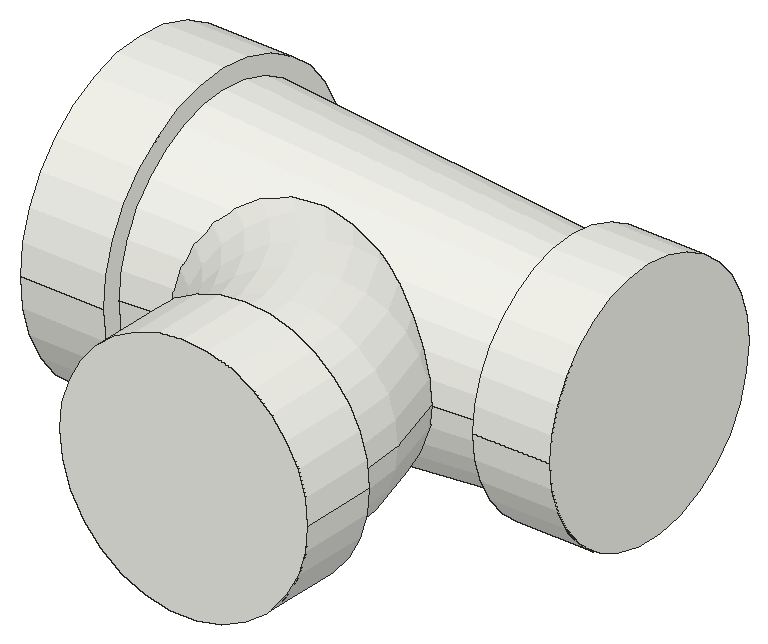
Revit family "Te_Esgoto_Reduc", category Pipe Fittings, Revit 2025
Family settings
  Round Connector Dimension = Use Radius
  Part Type = Tee
  OmniClass Number = 23.60.30.11.14
  OmniClass Title = Pipework Fittings
  Work Plane-Based = No
  Always vertical = Yes
  Cut with Voids When Loaded = No
  Shared = No
Parameters (values of type "TeER")
  Wall Thickness 3 [instance] = size_lookup(Lookup Table Name, "WThk", 0.02 * Nominal Diameter 3 + 33/256", Nominal Diameter 3)  # 0.156"
  Wall Thickness 2 [instance] = size_lookup(Lookup Table Name, "WThk", 0.02 * Nominal Diameter 2 + 33/256", Nominal Diameter 2)  # 0.156"
  Wall Thickness 1 [instance] = size_lookup(Lookup Table Name, "WThk", 0.02 * Nominal Diameter 1 + 33/256", Nominal Diameter 1)  # 0.156"
  Tick Size 3 [instance] = Fitting Outside Diameter 3 * 0.4  # 0.76"
  Tick Size 2 [instance] = Fitting Outside Diameter 2 * 0.4  # 0.76"
  Tick Size 1 [instance] = Fitting Outside Diameter 1 * 0.4  # 0.95"
  Socket Outside Radius 3 [instance] = Socket Outside Diameter 3 / 2  # 1.1135"
  Socket Outside Radius 2 [instance] = Socket Outside Diameter 2 / 2  # 1.1135"
  Socket Outside Radius 1 [instance] = Socket Outside Diameter 1 / 2  # 1.351"
  Socket Outside Diameter 3 [instance] = Socket Entrance Diameter 3 + Wall Thickness 3 * 2  # 2.227"
  Socket Outside Diameter 2 [instance] = Socket Entrance Diameter 2 + Wall Thickness 2 * 2  # 2.227"
  Socket Outside Diameter 1 [instance] = Socket Entrance Diameter 1 + Wall Thickness 1 * 2  # 2.702"
  Socket Entrance Diameter 3 [instance] = size_lookup(Lookup Table Name, "SED", 1.04 * Nominal Diameter 3 + 95/256", Nominal Diameter 3)  # 1.915"
  Socket Entrance Diameter 2 [instance] = size_lookup(Lookup Table Name, "SED", 1.04 * Nominal Diameter 2 + 95/256", Nominal Diameter 2)  # 1.915"
  Socket Entrance Diameter 1 [instance] = size_lookup(Lookup Table Name, "SED", 1.04 * Nominal Diameter 1 + 95/256", Nominal Diameter 1)  # 2.39"
  Socket Depth 3 [instance] = size_lookup(Lookup Table Name, "SDpt", 0.51 * Nominal Diameter 3 - 13/128", Nominal Diameter 3)  # 0.687"
  Socket Depth 2 [instance] = size_lookup(Lookup Table Name, "SDpt", 0.51 * Nominal Diameter 2 - 13/128", Nominal Diameter 2)  # 0.687"
  Socket Depth 1 [instance] = size_lookup(Lookup Table Name, "SDpt", 0.51 * Nominal Diameter 1 - 13/128", Nominal Diameter 1)  # 3/4"
  Socket Bottom to Socket Bottom Run [instance] = size_lookup(Lookup Table Name, "SBtSBR", -0.044 * Max Nominal Diameter 12 + 1.28 * Nominal Diameter 3 + 1 23/256", Nominal Diameter 1, Nominal Diameter 2, Nominal Diameter 3)  # 3 1/8"
  Radius 2 [instance] = if(Length 11 = Socket Depth 3, Socket Outside Diameter 3 / 2, Fitting Outside Radius 3)  # 1.1135"
  Radius 1 [instance] = if(Length 11 = Socket Depth 3, Socket Outside Radius 3, Fitting Outside Radius 3)  # 1.1135"
  Nominal Radius 3 [instance] = 3/4"
  Nominal Radius 2 [instance] = 3/4"
  Nominal Radius 1 [instance] = 1"
  Nominal Diameter 3 [instance] = Nominal Radius 3 * 2  # 1 1/2"
  Nominal Diameter 2 [instance] = Nominal Radius 2 * 2  # 1 1/2"
  Nominal Diameter 1 [instance] = Nominal Radius 1 * 2  # 2"
  Max Socket Outside Radius 13 [instance] = if(Socket Outside Radius 1 > Socket Outside Radius 3, Socket Outside Radius 1, Socket Outside Radius 3)  # 1.351"
  Max Nominal Diameter 12 [instance] = if(Nominal Diameter 1 > Nominal Diameter 2, Nominal Diameter 1, Nominal Diameter 2)  # 2"
  Max Fitting Outside Radius 13 [instance] = if(Fitting Outside Radius 1 > Fitting Outside Radius 3, Fitting Outside Radius 1, Fitting Outside Radius 3)  # 1 3/16"
  Loss Method = Not Defined
  Lookup Table Name = "Tee Reducing Sanitary - PVC - Sch 40 - DWV"
  Length 9 [instance] = if(Length 8 > Socket Outside Radius 2, 0", Length 11)  # 0"
  Length 8 [instance] = Length 3 - Socket Outside Radius 3 * cos(Angle)  # 2.188"
  Length 7 [instance] = Length 2 - 180" + Socket Outside Radius 3 * sin(Angle) + Length 9 * cos(Angle) - (Center to Socket Bottom Branch - Center to Socket Bottom Run)  # 3.0515"
  Length 6 [instance] = Length 1 + Socket Depth 2  # 184.062"
  Length 5 [instance] = Center Radius * (1 - cos(Angle)) + (Socket Depth 3 + Length 9) * sin(Angle)  # 2 7/8"
  Length 4 [instance] = Center Radius * sin(Angle) + (Socket Depth 3 + Length 9) * cos(Angle) + 180"  # 182.188"
  Length 13 [instance] = if(Length 8 > Socket Outside Radius 2, Socket Depth 3, if((Socket Outside Radius 3 * cos(Angle) + Socket Outside Radius 2 - Length 3) / sin(Angle) > 1/8", (Socket Outside Radius 3 * cos(Angle) + Socket Outside Radius 2 - Length 3) / sin(Angle), 1/8") + Socket Depth 3)  # 0.687"
  Length 12 [instance] = 180" + Center to Socket Bottom Branch - Center to Socket Bottom Run  # 180 1/4"
  Length 11 [instance] = if(Length 8 > Socket Outside Radius 2, Socket Depth 3, if((Socket Outside Radius 3 * cos(Angle) + Socket Outside Radius 2 - Length 3) / sin(Angle) > 1/8", (Socket Outside Radius 3 * cos(Angle) + Socket Outside Radius 2 - Length 3) / sin(Angle), 1/8"))  # 0.687"
  Length 3 [instance] = Center Radius * (1 - cos(Angle))  # 2.188"
  Length 2 [instance] = Center Radius * sin(Angle) + 180"  # 182.188"
  Length 10 [instance] = if(Max Socket Outside Radius 13 > Max Fitting Outside Radius 13, Max Socket Outside Radius 13, Max Fitting Outside Radius 13)  # 1.351"
  Length 1 [instance] = Length 12 + if(and(Center Radius * sin(Angle) > Socket Outside Radius 2, Angle = 90.00°), Socket Bottom to Socket Bottom Run, if(Socket Bottom to Socket Bottom Run > Length 7, Socket Bottom to Socket Bottom Run, Length 7))  # 183 3/8"
  Fitting Outside Radius 3 [instance] = Fitting Outside Diameter 3 / 2  # 0.95"
  Fitting Outside Radius 2 [instance] = Fitting Outside Diameter 2 / 2  # 0.95"
  Fitting Outside Radius 1 [instance] = Fitting Outside Diameter 1 / 2  # 1 3/16"
  Fitting Outside Diameter 3 [instance] = size_lookup(Lookup Table Name, "FOD", 1.04 * Nominal Diameter 3 + 23/64", Nominal Diameter 3)  # 1.9"
  Fitting Outside Diameter 2 [instance] = size_lookup(Lookup Table Name, "FOD", 1.04 * Nominal Diameter 2 + 23/64", Nominal Diameter 2)  # 1.9"
  Fitting Outside Diameter 1 [instance] = size_lookup(Lookup Table Name, "FOD", 1.04 * Nominal Diameter 1 + 23/64", Nominal Diameter 1)  # 2 3/8"
  Default Elevation = 0' - 0"
  Center to Socket Bottom Run [instance] = size_lookup(Lookup Table Name, "CtSBR", -0.00094 * Max Nominal Diameter 12 + 0.75 * Nominal Diameter 3 + 187/256", Nominal Diameter 1, Nominal Diameter 2, Nominal Diameter 3)  # 1.938"
  Center to Socket Bottom Branch [instance] = size_lookup(Lookup Table Name, "CtSBB", 0.53 * Max Nominal Diameter 12 + 0.24 * Nominal Diameter 3 + 195/256", Nominal Diameter 1, Nominal Diameter 2, Nominal Diameter 3)  # 2.188"
  Center to Socket Bottom Branch Label [instance] = if(Center to Socket Bottom Branch / tan(Angle / 2) > Length 10, Center to Socket Bottom Branch, Length 10 * tan(Angle / 2) + 1/8")  # 2.188"
  Center Radius [instance] = Center to Socket Bottom Branch Label / tan(Angle / 2)  # 2.188"
  Angle [instance] = 90.00°
Reference planes (in)
  plane 1 "Center (Front/Back)": y = 0
  plane 2: z = 0
  plane 3 "Center (Left/Right)": x = 0
  plane 4: x = -2.188
  plane 5: y = -2.188
  plane 6: x = -182.188
  plane 7: x = 0
  plane 8: x = 0
  plane 9: y = -2.188
  plane 10: y = -2.875
  plane 11: x = -1.938
  plane 12: x = 1.187
  plane 13: x = -2.688
  plane 14: x = 1.874
  plane 15: x = -12.68406
Forms (in)
  Sweep 1, solid, material "PVC", detail levels fine
    path in 3D
      loop
        line (1.187, 0, 0) -> (1.874, 0, 0)
    profile origin (1.5305, 0, 0) x (0, 1, 0) y (0, 0, 1)
      loop
        circle (0, 0) r 1.1135
  Sweep 2, solid, material "PVC", detail levels fine
    path in 3D
      loop
        line (0, -2.188, 0) -> (0, -2.875, 0)
    profile origin (0, -2.5315, 0) x (1, 0, 0) y (0, 0, 1)
      loop
        circle (0, 0) r 1.1135
  Sweep 3, solid, material "PVC", detail levels fine
    path in 3D
      loop
        arc (-2.188, 0, 0) -> (-0.64085, -0.64085, 0) -> (0, -2.188, 0) r 2.188
    profile origin (-0.64085, -0.64085, 0) x (0.707107, 0.707107, 0) y (0, 0, 1)
      loop
        circle (0, 0) r 0.95
  Sweep 4, solid, material "PVC", detail levels fine
    path in 3D
      loop
        line (-2.688, 0, 0) -> (-1.938, 0, 0)
    profile origin (-2.313, 0, 0) x (0, 1, 0) y (0, 0, 1)
      loop
        circle (0, 0) r 1.351
  SweptBlend 5, solid, material "PVC", detail levels fine
    path in 3D
      loop
        line (-1.938, 0, 0) -> (1.187, 0, 0)
    profile origin (-1.938, 0, 0) x (0, 1, 0) y (0, 0, 1)
      loop
        circle (0, 0) r 1.1875
    end profile origin (1.187, 0, 0) x (0, 1, 0) y (0, 0, 1)
      loop
        circle (0, 0) r 0.95
  Sweep 6, solid, material "PVC", detail levels fine
    path in 3D
      loop
        line (1.187, 0, 0) -> (1.874, 0, 0)
    profile origin (1.5305, 0, 0) x (0, 1, 0) y (0, 0, 1)
      loop
        circle (0, 0) r 1.1135
  Sweep 7, solid, material "PVC", detail levels fine
    path in 3D
      loop
        line (0, -2.875, 0) -> (0, -2.188, 0)
    profile origin (0, -2.5315, 0) x (-1, 0, 0) y (0, 0, 1)
      loop
        circle (0, 0) r 1.1135
Cuts and joins
  joined: Sweep 2, Sweep 3, Sweep 7
  joined: Sweep 1, Sweep 4, SweptBlend 5, Sweep 6
Lines and regions (in)
  model lines, detail levels coarse+medium
    curve 1: line (-2.688, 0, 0) -> (-1.938, 0, 0)
    curve 2: line (1.187, 0, 0) -> (1.874, 0, 0)
    curve 4: line (-2.688, 0, 0) -> (-2.688, 0.95, 0)
    curve 5: line (-2.688, -0.95, 0) -> (-2.688, 0, 0)
    curve 6: line (1.874, 0.76, 0) -> (1.874, 0, 0)
    curve 7: line (1.874, -0.76, 0) -> (1.874, 0, 0)
    curve 8: line (0, -2.188, 0) -> (0, -2.875, 0)
    curve 9: line (0, -2.875, 0) -> (0.76, -2.875, 0)
    curve 10: line (0, -2.875, 0) -> (-0.76, -2.875, 0)
    curve 12: arc (-2.188, 0, 0) -> (-0.64085, -0.64085, 0) -> (0, -2.188, 0) r 2.188
    curve 14: line (-1.938, 0, 0) -> (1.187, 0, 0)
  sketch lines
    curve 3: line (1.187, 0, 0) -> (1.874, 0, 0)
    curve 11: line (0, -2.188, 0) -> (0, -2.875, 0)
    curve 13: arc (-2.188, 0, 0) -> (-0.64085, -0.64085, 0) -> (0, -2.188, 0) r 2.188
    curve 15: line (-2.688, 0, 0) -> (-1.938, 0, 0)
    curve 16: line (-1.938, 0, 0) -> (1.187, 0, 0)
    curve 17: line (1.187, 0, 0) -> (1.874, 0, 0)
    curve 20: line (0, -2.875, 0) -> (0, -2.188, 0)
  reference lines
    curve 18: line (0, 0, 0) -> (0, -5.58547, 0)
    curve 19: line (0, -2.875, 0) -> (0, -2.188, 0)
Dimensions and locks (in)
  "Center to Socket Bottom Branch Label": plane 4 to plane 3 "Center (Left/Right)"
  "Center Radius": plane 1 "Center (Front/Back)" to plane 5
  locked: plane 6 to plane 4 at 180
  "Length 2": plane 6 to plane 7
  "Length 4": plane 6 to plane 8
  "Length 3": plane 1 "Center (Front/Back)" to plane 9
  "Length 5": plane 1 "Center (Front/Back)" to plane 10
  "Length 12": plane 6 to plane 11
  "Length 1": plane 6 to plane 12
  "Length 6": plane 6 to plane 14
  "Tick Size 1": curve 4 to curve 4
  "Tick Size 1": curve 5 to curve 5
  "Tick Size 2": curve 6 to curve 6
  "Tick Size 2": curve 7 to curve 7
  "Length 13": curve 8 to curve 8
  "Tick Size 3": curve 9 to curve 9
  "Tick Size 3": curve 10 to curve 10
  "Socket Depth 1": plane 13 to plane 11
  "Socket Depth 3": curve 19 to curve 19
  "Socket Outside Radius 2": radius of Sweep 1 sketch curve
  "Radius 1": radius of Sweep 2 sketch curve
  "Center Radius": radius of curve 12
  "Fitting Outside Radius 3": radius of Sweep 3 sketch curve
  "Socket Outside Radius 1": radius of Sweep 4 sketch curve
  "Fitting Outside Radius 1": radius of SweptBlend 5 sketch curve
  "Fitting Outside Radius 2": radius of SweptBlend 5 sketch curve
  "Socket Outside Radius 2": radius of Sweep 6 sketch curve
  "Socket Outside Radius 3": radius of Sweep 7 sketch curve
  "Angle": angle curve 8 to plane 9
  locked: curve 9 to curve 10 (angle 180.00°)
  locked: curve 9 to curve 8 (angle 90.00°)
  "Angle": angle curve 12 to curve 12
  "Angle": angle curve 18 to plane 1 "Center (Front/Back)"
  "Angle": angle curve 19 to plane 10
  aligned and locked: plane 14 to curve 2
  aligned and locked: plane 1 "Center (Front/Back)" to curve 2
  aligned and locked: plane 13 to curve 4
  aligned and locked: plane 13 to curve 5
  aligned and locked: plane 1 "Center (Front/Back)" to curve 6
  aligned and locked: curve 6 to plane 14
  aligned and locked: plane 14 to curve 7
  aligned and locked: plane 7 to curve 8
  aligned and locked: plane 9 to curve 8
  aligned and locked: plane 5 to curve 12
  aligned and locked: plane 11 to curve 14
  aligned and locked: plane 12 to curve 14
  aligned and locked: plane 1 "Center (Front/Back)" to curve 14
  aligned and locked: plane 1 "Center (Front/Back)" to curve 18
  aligned and locked: plane 3 "Center (Left/Right)" to curve 18
  aligned and locked: plane 10 to curve 19
  aligned and locked: plane 8 to curve 19
Automatic sketch dimensions
  Sweep 1 sketch curve to profile plane = 0' - 0"  (x2)
  profile plane to Sweep 2 sketch curve = 0' - 0"
  Sweep 2 sketch curve to profile plane = 0' - 0"
  Sweep 3 sketch curve to profile plane = 0' - 0"  (x2)
  Sweep 4 sketch curve to profile plane = 0' - 0"  (x2)
  SweptBlend 5 sketch curve to profile plane = 0' - 0"  (x4)
  Sweep 6 sketch curve to profile plane = 0' - 0"  (x2)
  Sweep 7 sketch curve to profile plane = 0' - 0"  (x2)
Connectors (in)
  piping at (-2.688, 0, 0), diameter 2, driven by "Nominal Radius 1"
    settings: on cut or joined group of Sweep 1, Sweep 4, SweptBlend 5, Sweep 6, index 1, connector inside diameter 2", connector length 0' - 0", flow factor 0, pipe flow 0 GPM, pressure drop 0.00 psi, fitting loss kfactor 0, connector angle 0.00°, fixture units 0, engagement length 0' - 0", angle of deflection 0.00°, flow configuration 0, flow direction 0, fitting loss method 0, system type 28, joint type 0, gender type 0, connector reference index 2, connector utility 0, adjustable connector no, is connector primary yes, connector description ""
  piping at (1.874, 0, 0), diameter 1.5, driven by "Nominal Radius 2"
    settings: on cut or joined group of Sweep 1, Sweep 4, SweptBlend 5, Sweep 6, index 2, connector inside diameter 1 1/2", connector length 0' - 0", flow factor 0, pipe flow 0 GPM, pressure drop 0.00 psi, fitting loss kfactor 0, connector angle 0.00°, fixture units 0, engagement length 0' - 0", angle of deflection 0.00°, flow configuration 0, flow direction 0, fitting loss method 0, system type 28, joint type 0, gender type 0, connector reference index 1, connector utility 0, adjustable connector no, is connector primary no, connector description ""
  piping at (0, -2.875, 0), diameter 1.5, driven by "Nominal Radius 3", driven by "Angle"
    settings: on cut or joined group of Sweep 2, Sweep 3, Sweep 7, index 3, connector inside diameter 1 1/2", connector length 0' - 0", flow factor 0, pipe flow 0 GPM, pressure drop 0.00 psi, fitting loss kfactor 0, connector angle 90.00°, fixture units 0, engagement length 0' - 0", angle of deflection 0.00°, flow configuration 0, flow direction 0, fitting loss method 0, system type 28, joint type 0, gender type 0, connector reference index -1, connector utility 0, adjustable connector no, is connector primary no, connector description ""
